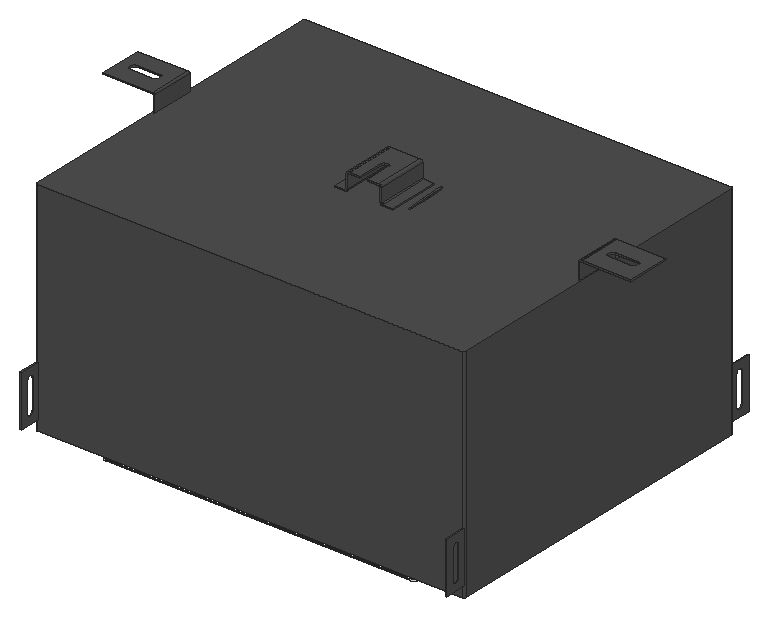
Revit family "CMS1201", category Communication Devices, Revit 2020
Family settings
  Maintain Annotation Orientation = No
  Round Connector Dimension = Use Diameter
  Part Type = Normal
  Work Plane-Based = Yes
  Always vertical = No
  Cut with Voids When Loaded = Yes
  Shared = No
  Room Calculation Point = No
Parameters
  Weight (kg) [instance] = if(([1201 DC]), 30.1, 29.7)  # 30.1
  Sensitivity [instance] = if(([1201 DC]), 97, 93)  # 97
  SPL Max (Peak) [instance] = 126  # constant formula
  Power Handling (Average) [instance] = if(([1201 DC]), 200, 400)  # 200
  Model = "CMS1201DC, CMS1201SW"
  Manufacturer = "Tannoy"
  Impedance [instance] = 8  # constant formula
  Grille [instance] = yes
  Default Elevation = 0 mm
  1201 SW [instance] = not([1201 DC])  # no
  1201 DC [instance] = yes
Reference planes
  plane 1 "Center (Front/Back)": y = 0
  plane 2: z = 0
  plane 3 "Center (Left/Right)": x = 0
Forms (mm)
  Extrusion 1, solid, not visible
    sketch origin (0, 0, 0) x (1, 0, 0) y (0, 1, 0)
      loop
        line (-500, 500) -> (-500, -500) -> (500, -500) -> (500, 500) -> (-500, 500)
    from 0 to 12
Lines and regions (mm)
  model lines
    curve 1: circle (0, 0, 0) r 150 normal (0, 0, 1)
Dimensions and locks
  aligned and locked: level to plane 2
Nested families
  nested 1: "CMS1201 - base1" at (0, 0, -15.3), 1201 DC <- "1201 DC", Grille <- "Grille", type "CMS1201 - base1", detail levels medium+fine
    with Grille yes, 1201 SW no, 1201 DC yes
Connectors
  electrical at (0, 0, 313)
    settings: on nested 1, index 1, voltage 0 V, apparent load 0 VA, apparent load phase1 0 VA, apparent load phase2 0 VA, apparent load phase3 0 VA, power factor 1, load classification "Other", number of poles 1, system type 14, power factor state 1, is connector primary yes, connector utility no, sub classification motor no, connector description "Speaker In - 2pin"
  cabletrayconduit at (294.099, -50.142, 242.194), diameter 19
    settings: on nested 1, index 2, connector width 300 mm, connector height 300 mm, connector angle 0.00°, system type 32, placement type 0, profile type 0, connector reference index -1, is primary connector yes, connector utility param no, connector description ""
  cabletrayconduit at (294.099, 49.858, 242.194), diameter 13
    settings: on nested 1, index 3, connector width 300 mm, connector height 300 mm, connector angle 0.00°, system type 32, placement type 0, profile type 0, connector reference index -1, is primary connector no, connector utility param no, connector description ""
  cabletrayconduit at (49.858, 230.1, 244.794), diameter 19
    settings: on nested 1, index 4, connector width 300 mm, connector height 300 mm, connector angle 0.00°, system type 32, placement type 0, profile type 0, connector reference index -1, is primary connector no, connector utility param no, connector description ""
  cabletrayconduit at (-50.142, 230.1, 244.794), diameter 13
    settings: on nested 1, index 5, connector width 300 mm, connector height 300 mm, connector angle 0.00°, system type 32, placement type 0, profile type 0, connector reference index -1, is primary connector no, connector utility param no, connector description ""
  cabletrayconduit at (-294.099, 49.858, 242.194), diameter 13
    settings: on nested 1, index 6, connector width 300 mm, connector height 300 mm, connector angle 0.00°, system type 32, placement type 0, profile type 0, connector reference index -1, is primary connector no, connector utility param no, connector description ""
  cabletrayconduit at (-294.099, -50.142, 242.194), diameter 19
    settings: on nested 1, index 7, connector width 300 mm, connector height 300 mm, connector angle 0.00°, system type 32, placement type 0, profile type 0, connector reference index -1, is primary connector no, connector utility param no, connector description ""
  cabletrayconduit at (-50.142, -230.1, 244.794), diameter 13
    settings: on nested 1, index 8, connector width 300 mm, connector height 300 mm, connector angle 0.00°, system type 32, placement type 0, profile type 0, connector reference index -1, is primary connector no, connector utility param no, connector description ""
  cabletrayconduit at (49.858, -230.1, 244.794), diameter 19
    settings: on nested 1, index 9, connector width 300 mm, connector height 300 mm, connector angle 0.00°, system type 32, placement type 0, profile type 0, connector reference index -1, is primary connector no, connector utility param no, connector description ""
Definition of nested family "CMS1201 - base1"
  Parameters (values of type "CMS1201 - base1")
    Model = "CMS 1201"
    Manufacturer = "Tannoy"
    Grille [instance] = yes
    Default Elevation = 0 mm
    1201 SW [instance] = not([1201 DC])  # no
    1201 DC [instance] = yes
  Reference planes
    plane 1 "Center (Front/Back)": y = 0
    plane 2: z = 0
    plane 3 "Center (Left/Right)": x = 0
    plane 4 "Driver Plane": z = 13.8
  Forms (mm)
    Blend 1, solid, visible <- "Grille"
      base sketch origin (0, 0, 0) x (1, 0, 0) y (0, 1, 0)
        loop
          arc (-167.142, 176.358) -> (-173.859, 173.575) -> (-176.642, 166.858) r 9.5
          line (-176.642, 166.858) -> (-176.642, -167.142)
          arc (-176.642, -167.142) -> (-173.859, -173.859) -> (-167.142, -176.642) r 9.5
          line (-167.142, -176.642) -> (166.858, -176.642)
          arc (166.858, -176.642) -> (173.575, -173.859) -> (176.358, -167.142) r 9.5
          line (176.358, -167.142) -> (176.358, 166.858)
          arc (176.358, 166.858) -> (173.575, 173.575) -> (166.858, 176.358) r 9.5
          line (166.858, 176.358) -> (-167.142, 176.358)
      top sketch origin (0, 0, 0) x (1, 0, 0) y (0, 1, 0)
        loop
          arc (-208, 216) -> (-213.656, 213.656) -> (-216, 208) r 8
          line (-216, 208) -> (-216, -208)
          arc (-216, -208) -> (-213.656, -213.656) -> (-208, -216) r 8
          line (-208, -216) -> (208, -216)
          arc (208, -216) -> (213.656, -213.656) -> (216, -208) r 8
          line (216, -208) -> (216, 208)
          arc (216, 208) -> (213.656, 213.656) -> (208, 216) r 8
          line (208, 216) -> (-208, 216)
      from 0 to 13.8
    Extrusion 2, solid, visible <- "Grille"
      sketch origin (0, 0, 0) x (1, 0, 0) y (0, 1, 0)
        loop
          arc (-208, 216) -> (-213.656, 213.656) -> (-216, 208) r 8
          line (-216, 208) -> (-216, -208)
          arc (-216, -208) -> (-213.656, -213.656) -> (-208, -216) r 8
          line (-208, -216) -> (208, -216)
          arc (208, -216) -> (213.656, -213.656) -> (216, -208) r 8
          line (216, -208) -> (216, 208)
          arc (216, 208) -> (213.656, 213.656) -> (208, 216) r 8
          line (208, 216) -> (-208, 216)
      from 13.8 to 15.3
    Extrusion 3, solid
      sketch origin (0, 0, 0) x (1, 0, 0) y (0, 1, 0)
        loop
          arc (-181.2, 183.2) -> (-182.614, 182.614) -> (-183.2, 181.2) r 2
          line (-183.2, 181.2) -> (-183.2, -181.199)
          arc (-183.2, -181.199) -> (-182.614, -182.614) -> (-181.2, -183.199) r 2
          line (-181.2, -183.199) -> (181.2, -183.199)
          arc (181.2, -183.199) -> (182.614, -182.614) -> (183.2, -181.199) r 2
          line (183.2, -181.199) -> (183.2, 181.2)
          arc (183.2, 181.2) -> (182.614, 182.614) -> (181.2, 183.2) r 2
          line (181.2, 183.2) -> (-181.2, 183.2)
      from 28 to 21
    Extrusion 4, void
      sketch origin (0, 0, 0) x (1, 0, 0) y (0, 1, 0)
        loop
          arc (-181.002, 182) -> (-181.709, 181.707) -> (-182.002, 181) r 1
          line (-182.002, 181) -> (-182.002, -180.999)
          arc (-182.002, -180.999) -> (-181.709, -181.707) -> (-181.002, -181.999) r 1
          line (-181.002, -181.999) -> (180.998, -181.999)
          arc (180.998, -181.999) -> (181.705, -181.707) -> (181.998, -180.999) r 1
          line (181.998, -180.999) -> (181.998, 181)
          arc (181.998, 181) -> (181.705, 181.707) -> (180.998, 182) r 1
          line (180.998, 182) -> (-181.002, 182)
      from 30 to 21
    Extrusion 5, solid
      sketch origin (0, 0, 0) x (1, 0, 0) y (0, 1, 0)
        loop
          arc (-291.099, 230.1) -> (-293.221, 229.221) -> (-294.099, 227.1) r 3
          line (-294.099, 227.1) -> (-294.099, -227.1)
          arc (-294.099, -227.1) -> (-293.221, -229.221) -> (-291.099, -230.1) r 3
          line (-291.099, -230.1) -> (291.099, -230.1)
          arc (291.099, -230.1) -> (293.221, -229.221) -> (294.099, -227.1) r 3
          line (294.099, -227.1) -> (294.099, 227.1)
          arc (294.099, 227.1) -> (293.221, 229.221) -> (291.099, 230.1) r 3
          line (291.099, 230.1) -> (-291.099, 230.1)
      from 28 to 330.094
    Extrusion 6, void
      sketch origin (0, 0, 0) x (1, 0, 0) y (0, 1, 0)
        loop
          arc (-291.099, 228.1) -> (-291.807, 227.807) -> (-292.099, 227.1) r 1
          line (-292.099, 227.1) -> (-292.099, -227.1)
          arc (-292.099, -227.1) -> (-291.807, -227.807) -> (-291.099, -228.1) r 1
          line (-291.099, -228.1) -> (291.099, -228.1)
          arc (291.099, -228.1) -> (291.807, -227.807) -> (292.099, -227.1) r 1
          line (292.099, -227.1) -> (292.099, 227.1)
          arc (292.099, 227.1) -> (291.807, 227.807) -> (291.099, 228.1) r 1
          line (291.099, 228.1) -> (-291.099, 228.1)
      from 30 to 328.3
    Extrusion 7, solid
      sketch origin (-1228.102, 0, 0) x (1, 0, 0) y (0, 1, 0)
        loop
          line (1519.001, 257.999) -> (1519.001, 228.439) -> (1520.601, 228.439) -> (1520.601, 257.999) -> (1519.001, 257.999)
      from 42 to 112
    Extrusion 8, solid
      sketch origin (1228.102, 0, 0) x (-1, 0, 0) y (0, -1, 0)
        loop
          line (1519.001, -257.999) -> (1520.601, -257.999) -> (1520.601, -228.439) -> (1519.001, -228.439) -> (1519.001, -257.999)
      from 42 to 112
    Extrusion 9, solid
      sketch origin (-1228.102, 0, 0) x (1, 0, 0) y (0, 1, 0)
        loop
          line (1519.001, -257.999) -> (1520.601, -257.999) -> (1520.601, -228.439) -> (1519.001, -228.439) -> (1519.001, -257.999)
      from 42 to 112
    Extrusion 10, solid
      sketch origin (1228.102, 0, 0) x (-1, 0, 0) y (0, -1, 0)
        loop
          line (1519.001, 257.999) -> (1519.001, 228.439) -> (1520.601, 228.439) -> (1520.601, 257.999) -> (1519.001, 257.999)
      from 42 to 112
    Extrusion 11, void
      sketch origin (0, 0, 0) x (1, 0, 0) y (0, 1, 0)
        loop
          arc (342.499, -5.5) -> (347.999, 0) -> (342.499, 5.5) r 5.5
          line (342.499, 5.5) -> (312.499, 5.5)
          arc (312.499, 5.5) -> (306.999, 0) -> (312.499, -5.5) r 5.5
          line (312.499, -5.5) -> (342.499, -5.5)
      from 353.094 to 354.694
    Extrusion 12, solid
      sketch origin (0, 0, 0) x (1, 0, 0) y (0, 0, 1)
        loop
          line (362.499, 354.694) -> (292.999, 354.694)
          arc (292.999, 354.694) -> (291.514, 354.079) -> (290.899, 352.594) r 2.1
          line (290.899, 352.594) -> (290.899, 330.094) -> (292.499, 330.094) -> (292.499, 352.594)
          arc (292.499, 352.594) -> (292.646, 352.948) -> (292.999, 353.094) r 0.5
          line (292.999, 353.094) -> (362.499, 353.094) -> (362.499, 354.694)
      from -30 to 30
    Extrusion 13, void
      sketch origin (0, 0, 0) x (-1, 0, 0) y (0, -1, 0)
        loop
          line (342.499, 5.5) -> (312.499, 5.5)
          arc (312.499, 5.5) -> (306.999, 0) -> (312.499, -5.5) r 5.5
          line (312.499, -5.5) -> (342.499, -5.5)
          arc (342.499, -5.5) -> (347.999, 0) -> (342.499, 5.5) r 5.5
      from 353.094 to 354.694
    Extrusion 14, solid
      sketch origin (0, 0, 0) x (-1, 0, 0) y (0, 0, -1)
        loop
          line (362.499, -354.694) -> (362.499, -353.094) -> (292.999, -353.094)
          arc (292.999, -353.094) -> (292.646, -352.948) -> (292.499, -352.594) r 0.5
          line (292.499, -352.594) -> (292.499, -330.094) -> (290.899, -330.094) -> (290.899, -352.594)
          arc (290.899, -352.594) -> (291.514, -354.079) -> (292.999, -354.694) r 2.1
          line (292.999, -354.694) -> (362.499, -354.694)
      from -30 to 30
    Extrusion 15, solid
      sketch origin (0, 0, 0) x (1, 0, 0) y (0, 0, 1)
        loop
          arc (-21, 354.694) -> (-23.192, 353.786) -> (-24.1, 351.594) r 3.1
          line (-24.1, 351.594) -> (-24.1, 333.194)
          arc (-24.1, 333.194) -> (-24.539, 332.133) -> (-25.6, 331.694) r 1.5
          line (-25.6, 331.694) -> (-40, 331.694) -> (-40, 330.094) -> (-25.6, 330.094)
          arc (-25.6, 330.094) -> (-23.408, 331.002) -> (-22.5, 333.194) r 3.1
          line (-22.5, 333.194) -> (-22.5, 351.594)
          arc (-22.5, 351.594) -> (-22.061, 352.655) -> (-21, 353.094) r 1.5
          line (-21, 353.094) -> (21, 353.094)
          arc (21, 353.094) -> (22.061, 352.655) -> (22.5, 351.594) r 1.5
          line (22.5, 351.594) -> (22.5, 333.194)
          arc (22.5, 333.194) -> (23.408, 331.002) -> (25.6, 330.094) r 3.1
          line (25.6, 330.094) -> (40, 330.094) -> (40, 331.694) -> (25.6, 331.694)
          arc (25.6, 331.694) -> (24.539, 332.133) -> (24.1, 333.194) r 1.5
          line (24.1, 333.194) -> (24.1, 351.594)
          arc (24.1, 351.594) -> (23.192, 353.786) -> (21, 354.694) r 3.1
          line (21, 354.694) -> (-21, 354.694)
      from -35 to 35
    Extrusion 16, solid
      sketch origin (0, 0, 0) x (1, 0, 0) y (0, 0, 1)
        loop
          line (51.296, 330.094) -> (53.559, 330.094) -> (73.948, 350.483) -> (72.816, 351.614) -> (51.296, 330.094)
      from -23 to 23
    Extrusion 17, void
      sketch origin (-0.125, 0, 0) x (-1, 0, 0) y (0, -1, 0)
        loop
          line (-5.5, 35) -> (-5.5, 0)
          arc (-5.5, 0) -> (-0.125, -5.375) -> (5.25, 0) r 5.375
          line (5.25, 0) -> (5.25, 35) -> (-5.5, 35)
      from 353.094 to 354.694
    Extrusion 18, void
      sketch origin (51.296, 0, 330.094) x (0.707107, 0, 0.707107) y (0, 1, 0)
        loop
          circle (13.621, 0) r 10
      from 0 to -1.6
    Extrusion 19, void
      sketch origin (51.296, 0, 330.094) x (0.707107, 0, 0.707107) y (0, 1, 0)
        loop
          line (0, 23) -> (20.084, 14.847)
          arc (20.084, 14.847) -> (30.081, 0) -> (20.084, -14.847) r 16.024
          line (20.084, -14.847) -> (0, -23) -> (30.434, -23) -> (30.434, 23) -> (0, 23)
      from 0 to -1.6
    Extrusion 20, void
      sketch origin (0, 0, 0) x (0, 1, 0) y (0, 0, 1)
        loop
          arc (248.357, 96.495) -> (242.857, 101.995) -> (237.357, 96.495) r 5.5
          line (237.357, 96.495) -> (237.357, 56.495)
          arc (237.357, 56.495) -> (242.857, 50.995) -> (248.357, 56.495) r 5.5
          line (248.357, 56.495) -> (248.357, 96.495)
      from 292.499 to 290.899
    Extrusion 21, void
      sketch origin (0, 0, 0) x (0, 1, 0) y (0, 0, -1)
        loop
          line (248.357, -96.495) -> (248.357, -56.495)
          arc (248.357, -56.495) -> (242.857, -50.995) -> (237.357, -56.495) r 5.5
          line (237.357, -56.495) -> (237.357, -96.495)
          arc (237.357, -96.495) -> (242.857, -101.995) -> (248.357, -96.495) r 5.5
      from 292.499 to 290.899
    Extrusion 22, void
      sketch origin (0, 0, 0) x (0, -1, 0) y (0, 0, -1)
        loop
          line (248.357, -96.495) -> (248.357, -56.495)
          arc (248.357, -56.495) -> (242.857, -50.995) -> (237.357, -56.495) r 5.5
          line (237.357, -56.495) -> (237.357, -96.495)
          arc (237.357, -96.495) -> (242.857, -101.995) -> (248.357, -96.495) r 5.5
      from 292.499 to 290.899
    Extrusion 23, void
      sketch origin (0, 0, 0) x (0, -1, 0) y (0, 0, 1)
        loop
          arc (248.357, 96.495) -> (242.857, 101.995) -> (237.357, 96.495) r 5.5
          line (237.357, 96.495) -> (237.357, 56.495)
          arc (237.357, 56.495) -> (242.857, 50.995) -> (248.357, 56.495) r 5.5
          line (248.357, 56.495) -> (248.357, 96.495)
      from 292.499 to 290.899
    Extrusion 24, solid
      sketch origin (0, 0, 13.8) x (0, -1, 0) y (1, 0, 0)
        loop
          arc (-184.508, -180.502) -> (-183.337, -183.33) -> (-180.508, -184.502) r 4
          line (-180.508, -184.502) -> (180.496, -184.502)
          arc (180.496, -184.502) -> (183.324, -183.33) -> (184.496, -180.502) r 4
          line (184.496, -180.502) -> (184.496, 180.496)
          arc (184.496, 180.496) -> (183.324, 183.324) -> (180.496, 184.496) r 4
          line (180.496, 184.496) -> (-180.508, 184.496)
          arc (-180.508, 184.496) -> (-183.337, 183.324) -> (-184.508, 180.496) r 4
          line (-184.508, 180.496) -> (-184.508, -180.502)
      from 0 to 7.2
  Cuts and joins
    Extrusion 6, Extrusion 17, Extrusion 21, Extrusion 22, Extrusion 23 cuts Extrusion 5
    Extrusion 17, Extrusion 19, Extrusion 20, Extrusion 21, Extrusion 22, Extrusion 23 cuts Extrusion 7
    Extrusion 17, Extrusion 19, Extrusion 21, Extrusion 22, Extrusion 23 cuts Extrusion 8
    Extrusion 17, Extrusion 19, Extrusion 21, Extrusion 22, Extrusion 23 cuts Extrusion 9
    Extrusion 17, Extrusion 19, Extrusion 21, Extrusion 22, Extrusion 23 cuts Extrusion 10
    Extrusion 11, Extrusion 13, Extrusion 17, Extrusion 19, Extrusion 21, Extrusion 22, Extrusion 23 cuts Extrusion 12
    Extrusion 13, Extrusion 17, Extrusion 19, Extrusion 21, Extrusion 22, Extrusion 23 cuts Extrusion 14
    Extrusion 17, Extrusion 19, Extrusion 21, Extrusion 22, Extrusion 23 cuts Extrusion 15
    Extrusion 18, Extrusion 19 cuts Extrusion 16
    joined: Extrusion 5, Extrusion 7, Extrusion 8, Extrusion 9, Extrusion 10, Extrusion 12, Extrusion 14, Extrusion 15, Extrusion 16
    Extrusion 4, Extrusion 17, Extrusion 19, Extrusion 21, Extrusion 22, Extrusion 23 cuts Blend 1
    Extrusion 4, Extrusion 17, Extrusion 19, Extrusion 21, Extrusion 22, Extrusion 23 cuts Extrusion 2
    joined: Blend 1, Extrusion 2
    Extrusion 4 cuts Extrusion 3
  Lines and regions (mm)
    Split face 1
      outline origin (-290.399, 230.1, 330.094) x (-1, 0, 0) y (0, -1, 0)
        loop
          circle (-555.399, 30.1) r 8.164
    Split face 2
      outline origin (-290.399, 230.1, 330.094) x (-1, 0, 0) y (0, -1, 0)
        loop
          circle (-535.399, 50.1) r 8.164
    Split face 3
      outline origin (-290.399, 230.1, 330.094) x (-1, 0, 0) y (0, -1, 0)
        loop
          circle (-25.4, 30.1) r 8.164
    Split face 4
      outline origin (-290.399, 230.1, 330.094) x (-1, 0, 0) y (0, -1, 0)
        loop
          circle (-45.4, 50.1) r 8.164
    Split face 5
      outline origin (-290.399, 230.1, 330.094) x (-1, 0, 0) y (0, -1, 0)
        loop
          circle (-25.4, 430.099) r 8.164
    Split face 6
      outline origin (-290.399, 230.1, 330.094) x (-1, 0, 0) y (0, -1, 0)
        loop
          circle (-45.4, 410.099) r 8.164
    Split face 7
      outline origin (-290.399, 230.1, 330.094) x (-1, 0, 0) y (0, -1, 0)
        loop
          circle (-555.399, 430.099) r 8.164
    Split face 8
      outline origin (-290.399, 230.1, 330.094) x (-1, 0, 0) y (0, -1, 0)
        loop
          circle (-535.399, 410.099) r 8.164
    Split face 9
      outline origin (294.099, -227.1, 330.094) x (0, 0, -1) y (0, 1, 0)
        loop
          circle (72.6, 276.957) r 11
    Split face 10
      outline origin (294.099, -227.1, 330.094) x (0, 0, -1) y (0, 1, 0)
        loop
          circle (72.6, 176.958) r 14.5
    Split face 11
      outline origin (-291.099, -230.1, 330.094) x (0, 0, -1) y (1, 0, 0)
        loop
          circle (70, 340.957) r 14.5
    Split face 12
      outline origin (-291.099, -230.1, 330.094) x (0, 0, -1) y (1, 0, 0)
        loop
          circle (70, 240.957) r 11
    Split face 13
      outline origin (-294.099, 227.1, 330.094) x (0, 0, -1) y (0, -1, 0)
        loop
          circle (72.6, 277.242) r 14.5
    Split face 14
      outline origin (-294.099, 227.1, 330.094) x (0, 0, -1) y (0, -1, 0)
        loop
          circle (72.6, 177.242) r 11
    Split face 15
      outline origin (291.099, 230.1, 330.094) x (0, 0, -1) y (-1, 0, 0)
        loop
          circle (70, 341.241) r 11
    Split face 16
      outline origin (291.099, 230.1, 330.094) x (0, 0, -1) y (-1, 0, 0)
        loop
          circle (70, 241.242) r 14.5
    model lines, visible <- "1201 DC"
      curve 1: arc (-8.921, 180.288, 13.8) -> (-0.002, 181.644, 13.8) -> (8.917, 180.288, 13.8) r 30
      curve 2: arc (-173.29, 15.919, 13.8) -> (-111.374, 118.366, 13.8) -> (-8.93, 180.285, 13.8) r 250
      curve 3: arc (-173.29, -1.919, 13.8) -> (-174.646, 7, 13.8) -> (-173.29, 15.919, 13.8) r 30
      curve 4: arc (173.286, 15.919, 13.8) -> (111.367, 118.369, 13.8) -> (8.917, 180.288, 13.8) r 250
      curve 5: arc (173.286, -1.919, 13.8) -> (174.642, 7, 13.8) -> (173.286, 15.919, 13.8) r 30
      curve 6: arc (-8.921, -166.288, 13.8) -> (-0.002, -167.644, 13.8) -> (8.917, -166.288, 13.8) r 30
      curve 7: arc (-173.29, -1.919, 13.8) -> (-111.374, -104.366, 13.8) -> (-8.93, -166.285, 13.8) r 250
      curve 8: arc (173.286, -1.919, 13.8) -> (111.367, -104.369, 13.8) -> (8.917, -166.288, 13.8) r 250
      curve 9: circle (-0.002, 7, 13.8) r 150.465 normal (0, 0, 1)
      curve 10: circle (-0.002, 7, 13.8) r 139.35 normal (0, 0, 1)
      curve 11: circle (-0.002, 7, 13.8) r 63.389 normal (0, 0, 1)
      curve 12: circle (-0.002, 7, 13.8) r 28.155 normal (0, 0, 1)
      curve 13: circle (-0.002, 7, 13.8) r 11 normal (0, 0, 1)
      curve 14: circle (-0.002, 7, 13.8) r 7 normal (0, 0, 1)
      curve 15: circle (-0.002, 7, 13.8) r 2.75 normal (0, 0, 1)
    model lines
      curve 16: circle (128.998, -131, 13.8) r 31 normal (0, 0, 1)
      curve 17: circle (128.998, -131, 13.8) r 25 normal (0, 0, 1)
      curve 18: circle (-129.002, -131, 13.8) r 31 normal (0, 0, 1)
      curve 19: circle (-129.002, -131, 13.8) r 25 normal (0, 0, 1)
    model lines, visible <- "1201 SW"
      curve 20: circle (-0.002, 7, 13.8) r 139.35 normal (0, 0, 1)
      curve 21: circle (-0.002, 7, 13.8) r 130 normal (0, 0, 1)
      curve 22: circle (-0.002, 7, 13.8) r 121.589 normal (0, 0, 1)
      curve 23: circle (-0.002, 7, 13.8) r 55.987 normal (0, 0, 1)
  Dimensions and locks
    aligned and locked: level to plane 2
